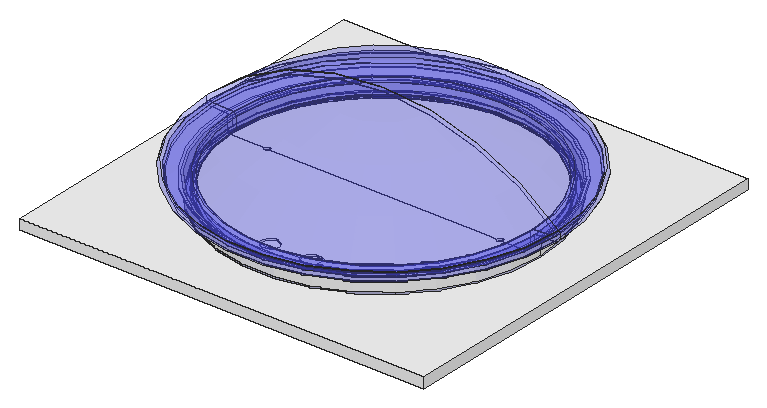
Revit family "BE_12143P_de_DE", category Leuchten, Revit 2020
Family settings
  Basisbauteil = Fläche
  Bemaßung runder Anschluss = Durchmesser verwenden
  Teiletyp = Normal
  Beim Laden mit Abzugskörper schneiden = Ja
  Lichtquelle = Ja
  Gemeinsam genutzt = Nein
  Raumberechnungspunkt = Ja
Parameters (values of type "BEGA_12143P_K3")
  built-in parameter 1150104 = 11.604 (stored number, unit not read)
  Wattage = 26.9 W
  Default Elevation = 0 mm
  built-in parameter 1150113 = 1 (stored number, unit not read)
  built-in parameter 1114218 = 1 (stored number, unit not read)
  Umgebungstemperatur = "25 °C"
  URL = "https://www.bega.com/de/produkt/12143P"
  Typenkommentare = "© 2022 BEGA. Wir behalten uns das Recht vor, technische Änderungen ohne vorherige Ankündigung vorzunehmen."  # constant formula
  built-in parameter 1150134 = (empty or 0)
  built-in parameter 1150109 = 1 (stored number, unit not read)
  Strom = ""
  built-in parameter 1150110 = 1 (stored number, unit not read)
  Spannung = 230 V
  Sonderanfertigung = no
  Seriennummer [instance] = "Hier können Sie die eindeutige Seriennummer für das Facility Management eintragen."
  Schutzklasse = "I"
  Schutzart = "IP 20"
  Scheinlast = 0 VA
  Produktdatenblatt = "http://www.bega.de/download/Xrfa/db/12143P.db.de.pdf"
  Oberflächentemperatur = ""
  Neigungswinkel = 0.00°
  Model = "12143PK2"
  Material_17 = BEGA_Reflektor
  Material_15 = BEGA_Leuchtmedium_matt
  Material_14 = BEGA_Kunststoff_opal
  Material_11 = BEGA_Glas_opal
  Material_09 = BEGA_Glas_klar
  Material_06 = BEGA_Oberfläche_Edelstahl_gebürstet
  Material_03 = BEGA_Oberfläche_Weiss_matt
  Material_02 = BEGA_Oberfläche_Silber_matt
  Material_01 [instance] = BEGA_Oberfläche_Grafit_matt
  M_W = no
  M_G = no
  M_A = no
  Logo = 0
  built-in parameter 1114217 = 1 (stored number, unit not read)
  built-in parameter 1150139 = (empty or 0)
  built-in parameter 1150105 = 985.44 (stored number, unit not read)
  built-in parameter 1150114 = 1 (stored number, unit not read)
  Lumens = 3359.81 lm
  built-in parameter 1150115 = 1 (stored number, unit not read)
  Leuchtenlichtstrom = "2613 lm"
  Leuchtenanzahl = ""
  Lebensdauerkriterien = "L70B50 @ 25 °C = 106000 h"
  Lastklassifizierung = Beleuchtung
  built-in parameter 1150112 = 1 (stored number, unit not read)
  Lampenlichtstrom = "3360 lm"
  Lamp = "LED 26.9 W"
  LED_Modulbezeichnung = "LED-0510/927"
  Hersteller = "BEGA"  # constant formula
  Halbstreuwinkel = ""
  Gewicht = "2.6 kg"
  Gebrauchslageneinschränkung [instance] = ""
  Frequenz = "50 Hz"
  Farbwiedergabeindex = "CRI > 90"
  Farbtemperaturverschiebung bei Dämpfen der Lampe = <Keine Auswahl>
  Farbtemperatur = "2700 K"
  Color Filter = 16777215
  built-in parameter 1150133 = 10 (stored number, unit not read)
  Energieeffizienzklasse = "LED A++ - A"
  built-in parameter 1150137 = (empty or 0)
  built-in parameter 1150132 = (empty or 0)
  ENEC = ""
  Dimmbar [instance] = ""
  Photometric Web File = "BE_12143PK2.IES"
  CE_Konformität = "ja"
  Bestellnummer = "12143PK2"
  Beschreibung_Sonderanfertigung = "Hier können Sie Informationen zur Sonderanfertigung eintragen."
  Beschreibung = "Decken- und Wandleuchte"
  built-in parameter 1150106 = 9.8544 (stored number, unit not read)
  Befestigungsbohrung = "Ø 5,5 mm"
  Befestigungsabstand = "230 mm"
  Ballwurfsicher = ""
  BEGA_Intern_aus = yes
  BEGA_Intern_an = yes
  BEGA_Intern_Konstruktion = yes
  BEGA_Intern = yes
  BEGA_IES = yes
  BEGA_Dummy = no
  Anschlussleitung = ""
  Anschlussleistung [instance] = "32.6 W"
  Anschlusskasten = ""
  built-in parameter 1150107 = 2700 (stored number, unit not read)
  built-in parameter 1150102 = (empty or 0)
  built-in parameter 1150138 = (empty or 0)
  Aktualisierung = "2020-07-27T04:00:12"
  Abstand_zur_angestrahlten_Fläche [instance] = ""
  AC/DC = "AC"
Types (2, lengths in mm): name | built-in parameter 1150104 | built-in parameter 1150134 | Model | built-in parameter 1150105 | Lumens | Leuchtenlichtstrom | Lampenlichtstrom | LED_Modulbezeichnung | Farbtemperatur | Photometric Web File | Bestellnummer | built-in parameter 1150106 | built-in parameter 1150107
  BEGA_12143P_K3 | 11.687 (stored number, unit not read) | (empty or 0) | "12143PK3" | 992.59 (stored number, unit not read) | 3384.02 lm | "3088 lm" | "3970 lm" | "LED-0510/930" | "3000 K" | "BE_12143PK3.IES" | "12143PK3" | 9.9259 (stored number, unit not read) | 3000 (stored number, unit not read)
  BEGA_12143P_K27 | 12.124 (stored number, unit not read) | 12 | "12143PK27" | 1029.7 (stored number, unit not read) | 3510.45 lm | "2990 lm" | "3845 lm" | "LED-0510/927" | "2700 K" | "BE_12143PK27.IES" | "12143PK27" | 10.297 (stored number, unit not read) | 4000 (stored number, unit not read)
Reference planes
  plane 1 "Mitte (Vorne/Hinten)": y = 0
  plane 2: z = 0
  plane 3 "Mitte (Links/Rechts)": x = 0
  plane 4 "Links": x = -175.231
  plane 5 "Rechts": x = 175.231
  plane 6 "Unten": y = -175.2
  plane 7 "Oben": y = 175.2
  plane 8 "Vorne": z = 98.4
  plane 9 "Hinten": z = 0
Forms (mm)
  Extrusion 1, solid, material "BEGA_Platte_Weiss"
    sketch origin (0, -1119.2, 0) x (1, 0, 0) y (0, 1, 0)
      loop
        line (-200, 1319.2) -> (-200, 919.2) -> (200, 919.2) -> (200, 1319.2) -> (-200, 1319.2)
    from 0 to -10
  Extrusion 2, solid, material "BEGA_Dummy_matt", visible <- "BEGA_Dummy"
    sketch origin (77.149, -76.023, 0) x (1, 0, 0) y (0, 1, 0)
      loop
        circle (-77.149, 76.023) r 175
    from 0 to 98.4
Dimensions and locks
  plane 1 "Mitte (Vorne/Hinten)" to Extrusion 1 = 200 mm
  aligned and locked: plane 2 to Extrusion 1
  aligned and locked: level to Extrusion 1
Nested families
  nested 1: "BE_12143P" at (0, 0, 0) x (0, -1, 0) z (0, 0, 1), type "BE_12143P"
Connectors
  electrical at (0, 0, 0), driven by "Lastklassifizierung", driven by "Spannung", driven by "Scheinlast"
    settings: index 1, voltage 230 V, apparent load 0 VA, apparent load phase1 0 VA, apparent load phase2 0 VA, apparent load phase3 0 VA, power factor 1, load classification "Beleuchtung", number of poles 1, system type 31, power factor state 1, is connector primary yes, connector utility no, sub classification motor no, connector description ""
Definition of nested family "BE_12143P"
  Parameters (values of type "BE_12143P")
    Default Elevation = 1 mm
    URL = "http://www.bega.de/de/produkt"
    Type Comments = "© 2015 BEGA. Wir behalten uns das Recht vor, technische Änderungen ohne vorherige Ankündigung vorzunehmen. "  # constant formula
    Type Image = (empty or 0)
    Neigungswinkel_um_Z2 = 0.00°
    Neigungswinkel_um_Z1 = 0.00°
    Neigungswinkel_um_Y2 = 0.00°
    Neigungswinkel_um_Y1 = 0.00°
    Neigungswinkel_um_X2 = 0.00°
    Neigungswinkel_um_X1 = 0.00°
    Material_17 = none
    Material_15 = none
    Material_14 = none
    Material_11 = none
    Material_09 = none
    Material_06 = none
    Material_05 = none
    Material_03 = none
    Material_02 = none
    Material_01 = none
    M_W = yes
    M_G = yes
    M_A = yes
    Länge_Platte = 500 mm  # constant formula
    Höhe_Platte = -10 mm  # constant formula
    Manufacturer = "BEGA"  # constant formula
    Drehwinkel_um_Z2 = 0.00°
    Drehwinkel_um_Z1 = 0.00°
    Breite_Platte = 500 mm  # constant formula
  Reference planes
    plane 1 "Mitte (Oben/Unten)": y = 0
    plane 2: z = 0
    plane 3 "Mitte (Links/Rechts)": x = 0
    plane 4: y = 175.231
    plane 5: z = 98.4
    plane 6: y = -175.231
    plane 7: x = -175.2
    plane 8: x = 175.2
  Forms (mm)
    Extrusion 1, solid, detail levels medium
      sketch origin (0, 0, 0) x (1, 0, 0) y (0, 1, 0)
        loop
          line (-250, 250) -> (-250, -250) -> (250, -250) -> (250, 250) -> (-250, 250)
      from 0 to -10 <- "Höhe_Platte"
    Revolve 2, solid, material <- "Material_03", detail levels medium+fine
      sketch origin (0, 0, 0) x (0, 1, 0) y (0, 0, 1)
        loop
          line (159, 19.8) -> (159, 20.8) -> (156.831, 20.8)
          arc (156.831, 20.8) -> (155.563, 20.284) -> (155.024, 19.025) r 1.8
          line (155.024, 19.025) -> (154.767, 4.283)
          arc (154.767, 4.283) -> (154.468, 3.587) -> (153.767, 3.3) r 1
          line (153.767, 3.3) -> (0, 3.3) -> (0, 2.3) -> (153.767, 2.3)
          arc (153.767, 2.3) -> (155.169, 2.873) -> (155.767, 4.265) r 2
          line (155.767, 4.265) -> (156.024, 19.01)
          arc (156.024, 19.01) -> (156.264, 19.571) -> (156.829, 19.8) r 0.8
          line (156.829, 19.8) -> (159, 19.8)
        axis (0, 2.3) -> (0, 20.8)
      angle from 0 to 360
    Revolve 3, solid, material <- "Material_03", detail levels medium+fine
      sketch origin (0, 0, 0) x (0, 1, 0) y (0, 0, 1)
        loop
          arc (124.13, 1.943) -> (124.474, 2.206) -> (124.896, 2.3) r 1
          line (124.896, 2.3) -> (125.896, 3.3) -> (117.75, 3.3) -> (117.75, 0) -> (121.108, 0)
          arc (121.108, 0) -> (122.369, 0.281) -> (123.395, 1.067) r 3
          line (123.395, 1.067) -> (124.13, 1.943)
        axis (115, 3.3) -> (115, 0)
      angle from 0 to 360
    Revolve 4, solid, material <- "Material_03", detail levels medium+fine
      sketch origin (0, 0, 0) x (0, -1, 0) y (0, 0, 1)
        loop
          arc (124.13, 1.943) -> (124.474, 2.206) -> (124.896, 2.3) r 1
          line (124.896, 2.3) -> (125.896, 3.3) -> (117.75, 3.3) -> (117.75, 0) -> (121.108, 0)
          arc (121.108, 0) -> (122.369, 0.281) -> (123.395, 1.067) r 3
          line (123.395, 1.067) -> (124.13, 1.943)
        axis (115, 3.3) -> (115, 0)
      angle from 0 to 360
    Extrusion 5, void
      sketch origin (0, 0, 0) x (1, 0, 0) y (0, 1, 0)
        loop
          circle (115, 20) r 8.5
        loop
          circle (115, -20) r 8.5
        loop
          circle (0, 115) r 2.75
        loop
          circle (0, -115) r 2.75
      from 1.096 to 7.205
    Revolve 6, solid, material <- "Material_14", detail levels medium+fine
      sketch origin (0, 0, 0) x (0, 1, 0) y (0, 0, 1)
        loop
          line (153.75, 4.9) -> (153.75, 8.389)
          arc (153.75, 8.389) -> (153.616, 8.889) -> (153.25, 9.256) r 1
          line (153.25, 9.256) -> (149.499, 11.421)
          arc (149.499, 11.421) -> (149.133, 11.787) -> (149, 12.287) r 1
          line (149, 12.287) -> (149, 19.451)
          arc (149, 19.451) -> (149.277, 20.142) -> (149.956, 20.45) r 1
          line (149.956, 20.45) -> (169.559, 21.477)
          arc (169.559, 21.477) -> (174.894, 25.484) -> (173.228, 31.944) r 6
          arc (173.228, 31.944) -> (92.769, 81.216) -> (0, 98.4) r 258.999
          line (0, 98.4) -> (0, 94.4)
          arc (0, 94.4) -> (91.33, 77.483) -> (170.543, 28.978) r 255
          arc (170.543, 28.978) -> (171.123, 26.82) -> (169.341, 25.472) r 2
          line (169.341, 25.472) -> (148.791, 24.394)
          arc (148.791, 24.394) -> (146.425, 23.461) -> (145.1, 21.289) r 4
          line (145.1, 21.289) -> (145.1, 11.074)
          arc (145.1, 11.074) -> (145.5, 9.577) -> (146.592, 8.479) r 3.001
          line (146.592, 8.479) -> (148.263, 7.514)
          arc (148.263, 7.514) -> (149.358, 6.407) -> (149.75, 4.9) r 3.002
          line (149.75, 4.9) -> (153.75, 4.9)
        axis (0, 98.4) -> (0, 4.9)
      angle from 0 to 360
  Cuts and joins
    Extrusion 5 cuts Revolve 2
    Extrusion 5 cuts Revolve 3
    Extrusion 5 cuts Revolve 4
    joined: Revolve 2, Revolve 3, Revolve 4
  Dimensions and locks
    equal spacing: Extrusion 1 sketch curve, plane 3 "Mitte (Links/Rechts)", Extrusion 1 sketch curve
    equal spacing: Extrusion 1 sketch curve, plane 1 "Mitte (Oben/Unten)", Extrusion 1 sketch curve
    "Länge_Platte": Extrusion 1 sketch curve to Extrusion 1 sketch curve
    "Breite_Platte": Extrusion 1 sketch curve to Extrusion 1 sketch curve
    aligned and locked: Extrusion 1 to plane 2
    aligned and locked: level to Extrusion 1
  Automatic sketch dimensions
    Revolve 3 sketch curve to level = 0 mm
    level to Revolve 3 sketch curve = 3.3 mm
    Revolve 3 sketch curve to Revolve 3 sketch curve = 3.351 mm
    Revolve 3 sketch curve to Revolve 3 sketch curve = 0.007 mm
    level to Revolve 3 sketch curve = 1.067 mm
    Revolve 3 sketch curve to Revolve 3 sketch curve = 2.287 mm
    level to Revolve 3 sketch curve = 2.3 mm
    Revolve 3 sketch curve to Revolve 3 sketch curve = 1.501 mm
    Revolve 3 sketch curve to Revolve 3 sketch curve = 0 mm  (x2)
    Revolve 3 sketch curve to Revolve 3 sketch curve = 1 mm  (x2)
    Revolve 3 sketch curve to Revolve 3 sketch curve = 2.75 mm
    level to Revolve 3 sketch curve = 1.943 mm
    Revolve 3 sketch curve to Revolve 3 sketch curve = 0.766 mm
    Revolve 3 sketch curve to level = 2.001 mm
    Revolve 3 sketch curve to Revolve 3 sketch curve = 2 mm
    Revolve 4 sketch curve to level = 0 mm
    Revolve 4 sketch curve to level = 3.3 mm
    Revolve 4 sketch curve to Revolve 4 sketch curve = 3.351 mm
    Revolve 4 sketch curve to Revolve 4 sketch curve = 0.007 mm
    Revolve 4 sketch curve to level = 1.067 mm
    Revolve 4 sketch curve to Revolve 4 sketch curve = 2.287 mm
    Revolve 4 sketch curve to level = 2.3 mm
    Revolve 4 sketch curve to Revolve 4 sketch curve = 1.501 mm
    Revolve 4 sketch curve to Revolve 4 sketch curve = 0 mm  (x2)
    Revolve 4 sketch curve to Revolve 4 sketch curve = 1 mm  (x2)
    Revolve 4 sketch curve to Revolve 4 sketch curve = 2.75 mm
    Revolve 4 sketch curve to level = 1.943 mm
    Revolve 4 sketch curve to Revolve 4 sketch curve = 0.766 mm
    level to Revolve 4 sketch curve = 2.001 mm
    Revolve 4 sketch curve to Revolve 4 sketch curve = 2 mm
    Revolve 3 sketch curve to plane 1 "Mitte (Oben/Unten)" = 117.75 mm
    Revolve 4 sketch curve to plane 1 "Mitte (Oben/Unten)" = 117.75 mm
    Revolve 2 sketch curve to Revolve 2 sketch curve = 0 mm  (x11)
    Revolve 2 sketch curve to plane 1 "Mitte (Oben/Unten)" = 0 mm  (x2)
    level to Revolve 2 sketch curve = 4.3 mm
    level to Revolve 2 sketch curve = 4.283 mm
    Revolve 2 sketch curve to Revolve 2 sketch curve = 1 mm  (x4)
    Revolve 2 sketch curve to Revolve 2 sketch curve = 0.257 mm
    Revolve 2 sketch curve to Revolve 2 sketch curve = 0.8 mm
    Revolve 2 sketch curve to Revolve 2 sketch curve = 0.004 mm
    Revolve 2 sketch curve to Revolve 2 sketch curve = 0.002 mm
    Revolve 2 sketch curve to Revolve 2 sketch curve = 2.169 mm
    Revolve 2 sketch curve to Revolve 2 sketch curve = 14.717 mm
    Revolve 2 sketch curve to Revolve 2 sketch curve = 0.01 mm
    Revolve 2 sketch curve to Revolve 2 sketch curve = 0.015 mm
    level to Revolve 2 sketch curve = 4.265 mm
    Revolve 2 sketch curve to Revolve 2 sketch curve = 4 mm
    Revolve 6 sketch curve to Revolve 6 sketch curve = 0 mm  (x13)
    Revolve 6 sketch curve to plane 1 "Mitte (Oben/Unten)" = 0 mm  (x3)
    plane 1 "Mitte (Oben/Unten)" to Revolve 6 sketch curve = 0 mm
    level to Revolve 6 sketch curve = 8.479 mm
    Revolve 6 sketch curve to Revolve 6 sketch curve = 1.492 mm
    Revolve 6 sketch curve to Revolve 6 sketch curve = 0.156 mm
    Revolve 6 sketch curve to Revolve 6 sketch curve = 1.509 mm
    level to Revolve 6 sketch curve = 7.514 mm
    Revolve 6 sketch curve to Revolve 6 sketch curve = 1.671 mm
    Revolve 6 sketch curve to Revolve 6 sketch curve = 3.9 mm
    level to Revolve 6 sketch curve = 11.421 mm
    Revolve 6 sketch curve to Revolve 6 sketch curve = 1.397 mm
    Revolve 6 sketch curve to Revolve 6 sketch curve = 3.001 mm
    Revolve 6 sketch curve to Revolve 6 sketch curve = 0.956 mm
    Revolve 6 sketch curve to Revolve 6 sketch curve = 0.044 mm
    Revolve 6 sketch curve to Revolve 6 sketch curve = 0.501 mm
    Revolve 6 sketch curve to Revolve 6 sketch curve = 3.251 mm
    Revolve 6 sketch curve to Revolve 6 sketch curve = 1 mm
    Revolve 6 sketch curve to Revolve 6 sketch curve = 19.275 mm
    level to Revolve 6 sketch curve = 25.472 mm
    Revolve 6 sketch curve to Revolve 6 sketch curve = 0.11 mm
    level to Revolve 6 sketch curve = 21.477 mm
    Revolve 6 sketch curve to Revolve 6 sketch curve = 0.219 mm
    Revolve 6 sketch curve to Revolve 6 sketch curve = 2.591 mm
    Revolve 6 sketch curve to level = 160.599 mm
    Revolve 6 sketch curve to Revolve 6 sketch curve = 3.489 mm
    Revolve 6 sketch curve to Revolve 6 sketch curve = 0.348 mm
    Revolve 6 sketch curve to Revolve 6 sketch curve = 0.866 mm  (x2)
    Revolve 6 sketch curve to Revolve 6 sketch curve = 7.164 mm
    Revolve 6 sketch curve to Revolve 6 sketch curve = 0.949 mm
    Revolve 6 sketch curve to Revolve 6 sketch curve = 0.05 mm
    Revolve 6 sketch curve to Revolve 6 sketch curve = 0.889 mm
    Revolve 6 sketch curve to Revolve 6 sketch curve = 1.997 mm
    level to Revolve 6 sketch curve = 94.4 mm
    Revolve 6 sketch curve to Revolve 6 sketch curve = 4 mm
    Revolve 6 sketch curve to Revolve 6 sketch curve = 0.209 mm
    Revolve 6 sketch curve to Revolve 6 sketch curve = 0.499 mm
    Revolve 6 sketch curve to Revolve 6 sketch curve = 0.5 mm
    level to Revolve 6 sketch curve = 9.256 mm
    Revolve 6 sketch curve to Revolve 6 sketch curve = 0.07 mm
    Extrusion 5 sketch curve to plane 3 "Mitte (Links/Rechts)" = 0 mm  (x2)
    plane 1 "Mitte (Oben/Unten)" to Extrusion 5 sketch curve = 20 mm
    Extrusion 5 sketch curve to plane 1 "Mitte (Oben/Unten)" = 20 mm
    plane 3 "Mitte (Links/Rechts)" to Extrusion 5 sketch curve = 115 mm
    Extrusion 5 sketch curve to Extrusion 5 sketch curve = 0 mm
    Revolve 2 sketch curve to plane 1 "Mitte (Oben/Unten)" = 153.767 mm
    Extrusion 5 sketch curve to plane 1 "Mitte (Oben/Unten)" = 115 mm
    Revolve 6 sketch curve to plane 1 "Mitte (Oben/Unten)" = 145.1 mm
    plane 1 "Mitte (Oben/Unten)" to Extrusion 5 sketch curve = 115 mm
    Revolve 6 sketch curve to Revolve 6 sketch curve = 26.07 mm
    radius of Extrusion 5 sketch curve = 8.5 mm  (x2)
    radius of Extrusion 5 sketch curve = 2.75 mm  (x2)
